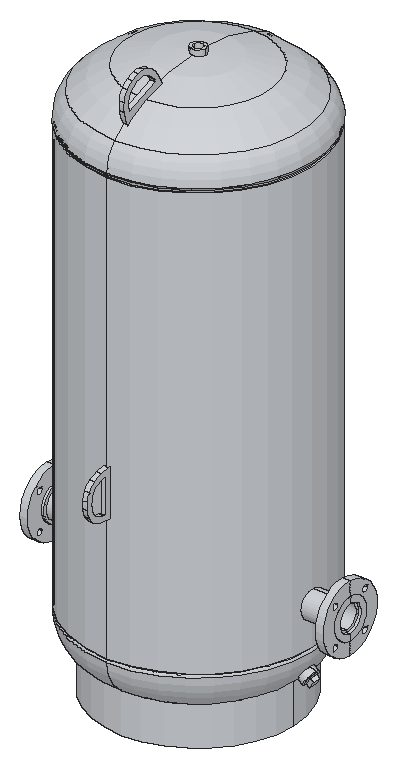
Revit family "CBT-120-2.5", category Generic Models, Revit 2014
Parameters (values of type "CBT-120-2.5")
  URL = "http://westank.com/"
  Tank volume = 120.00 gal
  Shipping Weight = 410.00 lbf
  Part number = 55240120
  Model = "CBT-120-2.5"
  Flange Diameter = 2.5"
  Description = "Wessels ASME Chilled Water Buffer Tanks (CBT) are designed for chilled water systems with insufficient water volume capacity in relation to the chiller capacity."
  D = 12.25"
  C = 19.99807"
  B = 60"
  A = 24"
Reference planes (in)
  plane 1 "Center (Front/Back)": y = 0
  plane 2: z = 0
  plane 3 "Center (Left/Right)": x = 0
  plane 4: through (12.55282, -180, 5.24135) normal (0.8192, 0, -0.5736)
  plane 5: z = 60
  plane 6: x = -9.99904
  plane 7: x = 9.99904
  plane 8: z = 12.25
  plane 9: x = -12
  plane 10: x = 12
  plane 11: y = 12
  plane 12: y = -12
Forms (in)
  Revolve 1, solid
    sketch origin (0, 0, 0) x (0, 1, 0) y (0, 0, 1)
      loop
        arc (-9.83101, 4.11424) -> (-7.79074, 2.94425) -> (-5.56568, 2.18221) r 12.35166
        arc (-5.56568, 2.18221) -> (-4.72655, 1.99447) -> (-3.88233, 1.83116) r 29.62981
        arc (-3.88233, 1.83116) -> (-1.94875, 1.5746) -> (0, 1.4915) r 21.84895
        line (0, 1.4915) -> (0, 1.65929)
        arc (0, 1.65929) -> (-1.35631, 1.72935) -> (-2.7096, 1.84384) r 41.42336
        arc (-2.7096, 1.84384) -> (-4.29668, 2.07784) -> (-5.85586, 2.45541) r 17.59706
        arc (-5.85586, 2.45541) -> (-7.96801, 3.24984) -> (-9.93425, 4.35719) r 14.74916
        arc (-9.93425, 4.35719) -> (-11.28742, 5.80966) -> (-11.85018, 7.71336) r 4.32984
        arc (-11.85018, 7.71336) -> (-11.81699, 7.79381) -> (-11.76254, 7.86171) r 0.30676
        arc (-11.76254, 7.86171) -> (-11.65716, 8.06319) -> (-11.7003, 8.28643) r 0.3444
        line (-11.7003, 8.28643) -> (-11.84851, 8.28643) -> (-11.84851, 53.23643) -> (-11.64597, 53.23643)
        arc (-11.64597, 53.23643) -> (-11.68669, 53.50997) -> (-11.81863, 53.75302) r 0.7952
        arc (-11.81863, 53.75302) -> (-11.84499, 53.79032) -> (-11.86692, 53.83038) r 0.40051
        arc (-11.86692, 53.83038) -> (-11.57837, 55.15816) -> (-10.81368, 56.28132) r 3.5625
        arc (-10.81368, 56.28132) -> (-9.13055, 57.64322) -> (-7.20864, 58.64022) r 10.74973
        arc (-7.20864, 58.64022) -> (-3.66872, 59.63274) -> (0, 59.87064) r 17.65577
        line (0, 59.87064) -> (0, 60.02076)
        arc (0, 60.02076) -> (-3.69689, 59.7801) -> (-7.26395, 58.77965) r 17.80577
        arc (-7.26395, 58.77965) -> (-9.21268, 57.76874) -> (-10.9193, 56.38783) r 10.89973
        arc (-10.9193, 56.38783) -> (-11.72267, 55.20221) -> (-12.01747, 53.80072) r 3.7125
        arc (-12.01747, 53.80072) -> (-11.98199, 53.72714) -> (-11.93601, 53.65963) r 0.55051
        arc (-11.93601, 53.65963) -> (-11.85613, 53.53057) -> (-11.80861, 53.38643) r 0.6452
        line (-11.80861, 53.38643) -> (-11.99851, 53.38643) -> (-11.99851, 8.13643) -> (-11.80492, 8.13643)
        arc (-11.80492, 8.13643) -> (-11.81524, 8.04663) -> (-11.86505, 7.97121) r 0.1944
        arc (-11.86505, 7.97121) -> (-11.95237, 7.85922) -> (-12.00107, 7.72583) r 0.45676
        arc (-12.00107, 7.72583) -> (-11.36713, 5.64899) -> (-9.83101, 4.11424) r 4.47984
      axis (0, 1.4915) -> (0, 60.02076)
    angle from 0 to 360
  Revolve 2, solid
    sketch origin (0, 0, 0) x (-1, 0, 0) y (0, 0, 1)
      loop
        line (14.86962, 10.81055) -> (14.86962, 10.46875) -> (15.13134, 10.46875) -> (15.13134, 8.75) -> (15.94384, 8.75) -> (15.94384, 10.1875) -> (16.00634, 10.1875) -> (16.00634, 10.81055) -> (14.86962, 10.81055)
      axis (16.00634, 12.25) -> (14.86962, 12.25)
    angle from 0 to 360
  Revolve 3, solid
    sketch origin (0, 0, 0) x (1, 0, 0) y (0, 0, 1)
      loop
        line (11.71753, 6.11956) -> (11.66586, 6.1556) -> (11.25436, 5.56561) -> (11.86992, 5.13627) -> (12.24588, 5.6753) -> (12.19462, 5.71106) -> (12.31904, 5.88945) -> (11.80641, 6.24699) -> (11.71753, 6.11956)
      axis (11.25436, 5.56561) -> (11.86992, 5.13627)
    angle from 0 to 360
  Extrusion 4, solid
    sketch origin (12.55282, -180, 5.24135) x (0.573576, 0, 0.819152) y (0, -1, 0)
      loop
        line (-0.16036, -179.52645) -> (-0.95521, -179.68698) -> (-0.79485, -180.48095) -> (0, -180.32042) -> (-0.16036, -179.52645)
    from -1.04121 to 0
  Extrusion 5, solid
    sketch origin (0, 0, 0) x (0, 1, 0) y (0, 0, 1)
      loop
        line (-11.93439, 21.33067) -> (-11.93439, 26.202)
        arc (-11.93439, 26.202) -> (-12.47846, 26.15164) -> (-13.01533, 26.05008) r 5.77422
        arc (-13.01533, 26.05008) -> (-13.49297, 25.89754) -> (-13.94252, 25.67548) r 3.35288
        arc (-13.94252, 25.67548) -> (-14.34081, 25.36666) -> (-14.64962, 24.96837) r 2.0073
        arc (-14.64962, 24.96837) -> (-14.80343, 24.58932) -> (-14.88788, 24.18906) r 2.30742
        arc (-14.88788, 24.18906) -> (-14.91277, 23.77188) -> (-14.88788, 23.3547) r 3.50846
        arc (-14.88788, 23.3547) -> (-14.79412, 22.92876) -> (-14.61961, 22.52904) r 2.24053
        arc (-14.61961, 22.52904) -> (-14.27401, 22.08806) -> (-13.80999, 21.77406) r 1.8078
        arc (-13.80999, 21.77406) -> (-13.34321, 21.55591) -> (-12.84107, 21.44044) r 2.44481
        arc (-12.84107, 21.44044) -> (-12.39043, 21.36326) -> (-11.93439, 21.33067) r 4.65484
      loop
        arc (-12.44611, 25.63929) -> (-12.67227, 25.60073) -> (-12.89654, 25.55235) r 5.2625
        arc (-12.89654, 25.55235) -> (-13.30128, 25.42308) -> (-13.68221, 25.23491) r 2.84116
        arc (-13.68221, 25.23491) -> (-13.97364, 25.01013) -> (-14.20134, 24.72098) r 1.49558
        arc (-14.20134, 24.72098) -> (-14.3163, 24.43235) -> (-14.37979, 24.12821) r 1.7957
        arc (-14.37979, 24.12821) -> (-14.40106, 23.77188) -> (-14.37979, 23.41555) r 2.99674
        arc (-14.37979, 23.41555) -> (-14.30745, 23.08689) -> (-14.17279, 22.77846) r 1.72881
        arc (-14.17279, 22.77846) -> (-13.91552, 22.45353) -> (-13.56884, 22.22643) r 1.29608
        arc (-13.56884, 22.22643) -> (-13.1779, 22.0402) -> (-12.75531, 21.94566) r 1.9331
        arc (-12.75531, 21.94566) -> (-12.60126, 21.91347) -> (-12.44611, 21.88716) r 4.14312
        line (-12.44611, 21.88716) -> (-12.44611, 25.63929)
    from -0.24366 to 0.25634
  Extrusion 6, solid
    sketch origin (0, -25.23675, 38.88211) x (0, 0.366501, -0.930418) y (0, 0.930418, 0.366501)
      loop
        line (-11.41103, 21.34851) -> (-11.41103, 26.20181)
        arc (-11.41103, 26.20181) -> (-12.2185, 26.18219) -> (-13.01533, 26.05008) r 5.77422
        arc (-13.01533, 26.05008) -> (-13.49297, 25.89754) -> (-13.94252, 25.67548) r 3.35288
        arc (-13.94252, 25.67548) -> (-14.34081, 25.36666) -> (-14.64962, 24.96837) r 2.0073
        arc (-14.64962, 24.96837) -> (-14.80343, 24.58932) -> (-14.88788, 24.18906) r 2.30742
        arc (-14.88788, 24.18906) -> (-14.91277, 23.77188) -> (-14.88788, 23.3547) r 3.50846
        arc (-14.88788, 23.3547) -> (-14.79412, 22.92876) -> (-14.61961, 22.52904) r 2.24053
        arc (-14.61961, 22.52904) -> (-14.27401, 22.08806) -> (-13.80999, 21.77406) r 1.8078
        arc (-13.80999, 21.77406) -> (-13.34321, 21.55591) -> (-12.84107, 21.44044) r 2.44481
        arc (-12.84107, 21.44044) -> (-12.12961, 21.33911) -> (-11.41103, 21.34851) r 4.65484
      loop
        arc (-12.44611, 25.63929) -> (-12.67227, 25.60073) -> (-12.89654, 25.55235) r 5.2625
        arc (-12.89654, 25.55235) -> (-13.30128, 25.42308) -> (-13.68221, 25.23491) r 2.84116
        arc (-13.68221, 25.23491) -> (-13.97364, 25.01013) -> (-14.20134, 24.72098) r 1.49558
        arc (-14.20134, 24.72098) -> (-14.3163, 24.43235) -> (-14.37979, 24.12821) r 1.7957
        arc (-14.37979, 24.12821) -> (-14.40106, 23.77188) -> (-14.37979, 23.41555) r 2.99674
        arc (-14.37979, 23.41555) -> (-14.30745, 23.08689) -> (-14.17279, 22.77846) r 1.72881
        arc (-14.17279, 22.77846) -> (-13.91552, 22.45353) -> (-13.56884, 22.22643) r 1.29608
        arc (-13.56884, 22.22643) -> (-13.1779, 22.0402) -> (-12.75531, 21.94566) r 1.9331
        arc (-12.75531, 21.94566) -> (-12.60126, 21.91347) -> (-12.44611, 21.88716) r 4.14312
        line (-12.44611, 21.88716) -> (-12.44611, 25.63929)
    from -0.24366 to 0.25634
  Extrusion 7, solid
    sketch origin (0, 0, 0) x (1, 0, 0) y (0, 1, 0)
      loop
        circle (0, 0) r 0.75
      loop
        circle (0, 0) r 0.5
    from 58.5833 to 60.52076
  Extrusion 8, void
    sketch origin (0, 0, 0) x (0, 1, 0) y (0, 0, -1)
      loop
        circle (1.94931, -14.19258) r 0.38097
      loop
        circle (-1.94931, -14.19258) r 0.38097
      loop
        circle (1.94931, -10.30535) r 0.38097
      loop
        circle (-1.94931, -10.30535) r 0.38097
    from 13.18334 to 17.21816
  Extrusion 9, void
    sketch origin (0, 0, 0) x (1, 0, 0) y (0, 1, 0)
      loop
        circle (0, 0) r 0.5
    from 58.5833 to 62.3834
  Revolve 10, solid
    sketch origin (0, 0, 0) x (1, 0, 0) y (0, 0, 1)
      loop
        line (9.87513, 4.44941) -> (9.87513, 0) -> (10.00001, 0) -> (10.00001, 4.44941) -> (9.87513, 4.44941)
      axis (0, 4.44941) -> (0, 0)
    angle from 0 to 360
  Revolve 11, solid
    sketch origin (0, 0, 0) x (1, 0, 0) y (0, 0, 1)
      loop
        line (-11.375, 11.01569) -> (-15.61866, 11.01569) -> (-15.61866, 10.81071) -> (-11.375, 10.81071) -> (-11.375, 11.01569)
      axis (-15.61866, 12.25) -> (-11.375, 12.25)
    angle from 0 to 360
  Extrusion 12, void
    sketch origin (0, 0, 0) x (0, 1, 0) y (0, 0, 1)
      loop
        circle (0, 12.25) r 1.25
    from -18.86806 to 18.76515
  Revolve 13, solid
    sketch origin (0, 0, 0) x (1, 0, 0) y (0, 0, 1)
      loop
        line (14.86962, 10.81055) -> (14.86962, 10.46875) -> (15.13134, 10.46875) -> (15.13134, 8.75) -> (15.94384, 8.75) -> (15.94384, 10.1875) -> (16.00634, 10.1875) -> (16.00634, 10.81055) -> (14.86962, 10.81055)
      axis (16.00634, 12.25) -> (14.86962, 12.25)
    angle from 0 to 360
  Extrusion 14, void
    sketch origin (0, 0, 0) x (0, 1, 0) y (0, 0, 1)
      loop
        circle (1.94931, 14.19258) r 0.38097
      loop
        circle (-1.94931, 14.19258) r 0.38097
      loop
        circle (1.94931, 10.30535) r 0.38097
      loop
        circle (-1.94931, 10.30535) r 0.38097
    from 13.18334 to 17.21816
  Revolve 15, solid
    sketch origin (0, 0, 0) x (-1, 0, 0) y (0, 0, 1)
      loop
        line (-11.375, 11.01569) -> (-15.61866, 11.01569) -> (-15.61866, 10.81071) -> (-11.375, 10.81071) -> (-11.375, 11.01569)
      axis (-15.61866, 12.25) -> (-11.375, 12.25)
    angle from 0 to 360
Cuts and joins
  Extrusion 8, Extrusion 14 cuts Revolve 2
  Extrusion 9, Extrusion 12 cuts Revolve 1
  joined: Revolve 1, Revolve 10
  Extrusion 14 cuts Revolve 13
Dimensions and locks (in)
  "B": plane 5 to level
  "C": plane 7 to plane 6
  "D": plane 8 to level
  equal spacing: plane 10, plane 3 "Center (Left/Right)", plane 9
  "A": plane 10 to plane 9
  aligned and locked: plane 2 to level
  aligned and locked: Revolve 1 sketch curve to Revolve 1 sketch curve
  aligned and locked: Revolve 10 sketch curve to plane 3 "Center (Left/Right)"
Automatic sketch dimensions
  Revolve 1 sketch curve to Revolve 1 sketch curve = 0"  (x30)
  Revolve 1 sketch curve to plane 1 "Center (Front/Back)" = 0"  (x2)
  plane 1 "Center (Front/Back)" to Revolve 1 sketch curve = 0.04449"
  plane 1 "Center (Front/Back)" to Revolve 1 sketch curve = 0.69809"
  plane 1 "Center (Front/Back)" to Revolve 1 sketch curve = 0.93901"
  plane 1 "Center (Front/Back)" to Revolve 1 sketch curve = 1.73475"
  Revolve 1 sketch curve to plane 8 = 1.94548"
  Revolve 1 sketch curve to Revolve 1 sketch curve = 0.95959"
  plane 1 "Center (Front/Back)" to Revolve 1 sketch curve = 3.24468"
  Revolve 1 sketch curve to plane 12 = 4.47284"
  Revolve 1 sketch curve to plane 12 = 3.69471"
  Revolve 1 sketch curve to plane 12 = 0.49477"
  Revolve 1 sketch curve to plane 12 = 0.44712"
  Revolve 1 sketch curve to plane 12 = 0.35403"
  Revolve 1 sketch curve to plane 12 = 0.2997"
  Revolve 1 sketch curve to Revolve 1 sketch curve = 0.10462"
  Revolve 1 sketch curve to plane 12 = 0.19139"
  Revolve 1 sketch curve to plane 12 = 0.15149"
  Revolve 1 sketch curve to plane 12 = 0.00208"
  Revolve 1 sketch curve to plane 12 = 0.00149"
  plane 12 to Revolve 1 sketch curve = 0.44088"
  Revolve 1 sketch curve to plane 1 "Center (Front/Back)" = 1.32224"
  Revolve 1 sketch curve to plane 1 "Center (Front/Back)" = 1.45836"
  plane 8 to Revolve 1 sketch curve = 3.96357"
  Revolve 1 sketch curve to Revolve 1 sketch curve = 0.15"  (x2)
  Revolve 1 sketch curve to Revolve 1 sketch curve = 0.02331"
  Revolve 1 sketch curve to Revolve 1 sketch curve = 0.33015"
  Revolve 1 sketch curve to Revolve 1 sketch curve = 0.49864"
  level to Revolve 1 sketch curve = 1.65929"
  Revolve 1 sketch curve to Revolve 1 sketch curve = 0.16779"
  Revolve 1 sketch curve to Revolve 1 sketch curve = 2.42164"
  Revolve 1 sketch curve to Revolve 1 sketch curve = 2.73447"
  Revolve 1 sketch curve to Revolve 1 sketch curve = 3.98882"
  Revolve 1 sketch curve to Revolve 1 sketch curve = 7.65989"
  Revolve 1 sketch curve to Revolve 1 sketch curve = 11.22838"
  Revolve 1 sketch curve to Revolve 1 sketch curve = 0.8283"
  Revolve 1 sketch curve to Revolve 1 sketch curve = 6.41936"
  Revolve 1 sketch curve to plane 5 = 6.76357"
  Revolve 1 sketch curve to Revolve 1 sketch curve = 0.02147"
  Revolve 1 sketch curve to Revolve 1 sketch curve = 0.5152"
  Revolve 1 sketch curve to Revolve 1 sketch curve = 0.61597"
  Revolve 1 sketch curve to plane 5 = 0.12936"
  plane 5 to Revolve 1 sketch curve = 0.02076"
  Revolve 1 sketch curve to Revolve 1 sketch curve = 0.10324"
  Revolve 1 sketch curve to Revolve 1 sketch curve = 0.06037"
  Revolve 2 sketch curve to plane 8 = 0"
  plane 9 to Revolve 2 sketch curve = 2.86962"
  Revolve 2 sketch curve to Revolve 2 sketch curve = 0.26172"
  Revolve 2 sketch curve to Revolve 2 sketch curve = 0.8125"
  Revolve 2 sketch curve to Revolve 2 sketch curve = 0.0625"
  Revolve 2 sketch curve to plane 8 = 1.43945"
  Revolve 2 sketch curve to Revolve 2 sketch curve = 0.3418"
  Revolve 2 sketch curve to Revolve 2 sketch curve = 0.62305"
  Revolve 2 sketch curve to Revolve 2 sketch curve = 1.4375"
  Revolve 2 sketch curve to Revolve 2 sketch curve = 0.68778"
  Revolve 2 sketch curve to Revolve 2 sketch curve = 0.68278"
  Revolve 3 sketch curve to plane 10 = 0.74564"
  Revolve 3 sketch curve to plane 10 = 0.33414"
  Revolve 3 sketch curve to Revolve 3 sketch curve = 0.05167"
  Revolve 3 sketch curve to Revolve 3 sketch curve = 0.08888"
  Revolve 3 sketch curve to plane 10 = 0.13008"
  plane 10 to Revolve 3 sketch curve = 0.19462"
  Revolve 3 sketch curve to Revolve 3 sketch curve = 0.05126"
  level to Revolve 3 sketch curve = 5.13627"
  Revolve 3 sketch curve to Revolve 3 sketch curve = 0.42934"
  Revolve 3 sketch curve to Revolve 3 sketch curve = 0.12768"
  Revolve 3 sketch curve to Revolve 3 sketch curve = 0"  (x2)
  Revolve 3 sketch curve to Revolve 3 sketch curve = 0.08905"
  plane 1 "Center (Front/Back)" to Extrusion 4 sketch curve = 0.31302"
  Extrusion 4 sketch curve to plane 1 "Center (Front/Back)" = 0.48095"
  Extrusion 4 sketch curve to Extrusion 4 sketch curve = 0.16036"  (x2)
  plane 1 "Center (Front/Back)" to Extrusion 4 sketch curve = 0.47355"
  Extrusion 4 sketch curve to Extrusion 4 sketch curve = 0.79485"
  Extrusion 4 sketch curve to plane 1 "Center (Front/Back)" = 0.32042"
  Extrusion 5 sketch curve to Extrusion 5 sketch curve = 0"  (x24)
  plane 12 to Extrusion 5 sketch curve = 1.04109"
  Extrusion 5 sketch curve to Extrusion 5 sketch curve = 0.11966"
  Extrusion 5 sketch curve to Extrusion 5 sketch curve = 0.25819"
  Extrusion 5 sketch curve to Extrusion 5 sketch curve = 0.06641"
  Extrusion 5 sketch curve to Extrusion 5 sketch curve = 0.04958"
  plane 12 to Extrusion 5 sketch curve = 0.44611"
  plane 12 to Extrusion 5 sketch curve = 0.23696"
  Extrusion 5 sketch curve to plane 12 = 0.06561"
  Extrusion 5 sketch curve to plane 12 = 0.16899"
  Extrusion 5 sketch curve to plane 12 = 0.32516"
  Extrusion 5 sketch curve to plane 12 = 0.59568"
  Extrusion 5 sketch curve to plane 8 = 8.18362"
  Extrusion 5 sketch curve to Extrusion 5 sketch curve = 0.89706"
  Extrusion 5 sketch curve to Extrusion 5 sketch curve = 0.55648"
  Extrusion 5 sketch curve to Extrusion 5 sketch curve = 0.90165"
  Extrusion 5 sketch curve to Extrusion 5 sketch curve = 0.62139"
  Extrusion 5 sketch curve to Extrusion 5 sketch curve = 0.21092"
  Extrusion 5 sketch curve to Extrusion 5 sketch curve = 0.15076"
  Extrusion 5 sketch curve to Extrusion 5 sketch curve = 0.24641"
  Extrusion 5 sketch curve to Extrusion 5 sketch curve = 0.04716"
  Extrusion 5 sketch curve to Extrusion 5 sketch curve = 0.0326"
  Extrusion 5 sketch curve to Extrusion 5 sketch curve = 1.7246"
  Extrusion 5 sketch curve to Extrusion 5 sketch curve = 0.34507"
  Extrusion 5 sketch curve to Extrusion 5 sketch curve = 0.21764"
  Extrusion 5 sketch curve to Extrusion 5 sketch curve = 1.12273"
  Extrusion 5 sketch curve to Extrusion 5 sketch curve = 0.78568"
  Extrusion 5 sketch curve to Extrusion 5 sketch curve = 0.24115"
  Extrusion 5 sketch curve to Extrusion 5 sketch curve = 0.2603"
  Extrusion 5 sketch curve to Extrusion 5 sketch curve = 0.60395"
  Extrusion 5 sketch curve to Extrusion 5 sketch curve = 0.51913"
  Extrusion 5 sketch curve to Extrusion 5 sketch curve = 0.44682"
  Extrusion 5 sketch curve to Extrusion 5 sketch curve = 0.44829"
  Extrusion 6 sketch curve to Extrusion 6 sketch curve = 0"  (x24)
  Extrusion 6 sketch curve to plane 5 = 0.40436"
  Extrusion 6 sketch curve to plane 12 = 3.76493"
  Extrusion 6 sketch curve to Extrusion 6 sketch curve = 0.11966"
  Extrusion 6 sketch curve to Extrusion 6 sketch curve = 0.25819"
  Extrusion 6 sketch curve to Extrusion 6 sketch curve = 0.06641"
  Extrusion 6 sketch curve to Extrusion 6 sketch curve = 0.04958"
  Extrusion 6 sketch curve to Extrusion 6 sketch curve = 0.59499"
  Extrusion 6 sketch curve to Extrusion 6 sketch curve = 0.20915"
  Extrusion 6 sketch curve to Extrusion 6 sketch curve = 0.6151"
  Extrusion 6 sketch curve to Extrusion 6 sketch curve = 0.77126"
  Extrusion 6 sketch curve to Extrusion 6 sketch curve = 0.41998"
  Extrusion 6 sketch curve to Extrusion 6 sketch curve = 1.14294"
  Extrusion 6 sketch curve to Extrusion 6 sketch curve = 0.62139"
  Extrusion 6 sketch curve to Extrusion 6 sketch curve = 0.90165"
  Extrusion 6 sketch curve to Extrusion 6 sketch curve = 0.53865"
  Extrusion 6 sketch curve to Extrusion 6 sketch curve = 0.91489"
  Extrusion 6 sketch curve to Extrusion 6 sketch curve = 0.21092"
  Extrusion 6 sketch curve to Extrusion 6 sketch curve = 0.15076"
  Extrusion 6 sketch curve to Extrusion 6 sketch curve = 0.24641"
  Extrusion 6 sketch curve to Extrusion 6 sketch curve = 0.04716"
  Extrusion 6 sketch curve to Extrusion 6 sketch curve = 0.0326"
  Extrusion 6 sketch curve to Extrusion 6 sketch curve = 1.7246"
  Extrusion 6 sketch curve to Extrusion 6 sketch curve = 0.34507"
  Extrusion 6 sketch curve to Extrusion 6 sketch curve = 0.21744"
  Extrusion 6 sketch curve to Extrusion 6 sketch curve = 1.12273"
  Extrusion 6 sketch curve to Extrusion 6 sketch curve = 0.78568"
  Extrusion 6 sketch curve to Extrusion 6 sketch curve = 0.24115"
  Extrusion 6 sketch curve to Extrusion 6 sketch curve = 0.2603"
  Extrusion 6 sketch curve to Extrusion 6 sketch curve = 0.60395"
  Extrusion 6 sketch curve to Extrusion 6 sketch curve = 0.51913"
  Extrusion 6 sketch curve to Extrusion 6 sketch curve = 0.44682"
  Extrusion 6 sketch curve to Extrusion 6 sketch curve = 0.44829"
  Extrusion 7 sketch curve to Extrusion 7 sketch curve = 0"  (x2)
  plane 1 "Center (Front/Back)" to Extrusion 7 sketch curve = 0"
  Extrusion 7 sketch curve to plane 3 "Center (Left/Right)" = 0"
  plane 1 "Center (Front/Back)" to Extrusion 8 sketch curve = 1.94931"  (x2)
  Extrusion 8 sketch curve to plane 1 "Center (Front/Back)" = 1.94931"  (x2)
  Extrusion 8 sketch curve to plane 8 = 1.94258"  (x2)
  plane 8 to Extrusion 8 sketch curve = 1.94465"  (x2)
  Extrusion 9 sketch curve to Extrusion 9 sketch curve = 0"  (x2)
  plane 1 "Center (Front/Back)" to Extrusion 9 sketch curve = 0"
  Extrusion 9 sketch curve to plane 3 "Center (Left/Right)" = 0"
  Extrusion 9 sketch curve to plane 3 "Center (Left/Right)" = 0.5"
  Revolve 10 sketch curve to level = 0"
  Revolve 10 sketch curve to plane 7 = 0.12391"
  plane 7 to Revolve 10 sketch curve = 0.00098"
  Revolve 10 sketch curve to Revolve 10 sketch curve = 4.44941"
  level to Revolve 10 sketch curve = 4.69941"
  Revolve 10 sketch curve to Revolve 10 sketch curve = 1"
  Revolve 11 sketch curve to plane 8 = 0"
  plane 8 to Revolve 11 sketch curve = 1.43929"
  Revolve 11 sketch curve to plane 9 = 3.61866"
  plane 9 to Revolve 11 sketch curve = 0.625"
  Revolve 11 sketch curve to Revolve 11 sketch curve = 0.20498"
  Revolve 11 sketch curve to plane 9 = 1.07817"
  Revolve 11 sketch curve to Revolve 11 sketch curve = 0.36015"
  Extrusion 12 sketch curve to plane 1 "Center (Front/Back)" = 0"
  plane 8 to Extrusion 12 sketch curve = 0"
  Revolve 13 sketch curve to plane 8 = 0"
  plane 10 to Revolve 13 sketch curve = 2.86962"
  Revolve 13 sketch curve to Revolve 13 sketch curve = 0.26172"
  Revolve 13 sketch curve to Revolve 13 sketch curve = 0.8125"
  Revolve 13 sketch curve to Revolve 13 sketch curve = 0.0625"
  plane 8 to Revolve 13 sketch curve = 1.43945"
  Revolve 13 sketch curve to Revolve 13 sketch curve = 0.3418"
  Revolve 13 sketch curve to Revolve 13 sketch curve = 0.62305"
  Revolve 13 sketch curve to Revolve 13 sketch curve = 1.4375"
  Revolve 13 sketch curve to Revolve 13 sketch curve = 0.68778"
  Revolve 13 sketch curve to Revolve 13 sketch curve = 0.68278"
  plane 1 "Center (Front/Back)" to Extrusion 14 sketch curve = 1.94931"  (x2)
  Extrusion 14 sketch curve to plane 1 "Center (Front/Back)" = 1.94931"  (x2)
  plane 8 to Extrusion 14 sketch curve = 1.94465"  (x2)
  Extrusion 14 sketch curve to plane 8 = 1.94258"  (x2)
  Revolve 15 sketch curve to plane 8 = 0"
  Revolve 15 sketch curve to plane 8 = 1.43929"
  Revolve 15 sketch curve to plane 10 = 3.61866"
  plane 10 to Revolve 15 sketch curve = 0.625"
  Revolve 15 sketch curve to Revolve 15 sketch curve = 0.20498"
  Revolve 15 sketch curve to plane 10 = 1.07817"
  Revolve 15 sketch curve to Revolve 15 sketch curve = 0.36015"
  radius of Extrusion 7 sketch curve = 0.75"
  radius of Extrusion 7 sketch curve = 0.5"
  radius of Extrusion 8 sketch curve = 0.38097"  (x4)
  radius of Extrusion 12 sketch curve = 1.25"
  radius of Extrusion 14 sketch curve = 0.38097"  (x4)
Connectors (in)
  piping at (-15.94384, 0, 12.25), diameter 2.5, driven by "Flange Diameter"
    settings: on cut or joined group of Revolve 2, Extrusion 8, Extrusion 14, index 2, connector inside diameter 24", connector length 0", flow factor 0, pipe flow 0 GPM, pressure drop 0.00 psi, fitting loss kfactor 0, connector angle 0.00°, fixture units 0, engagement length 0", angle of deflection 0.00°, flow configuration 0, flow direction 0, fitting loss method 0, system type 7, joint type 0, gender type 0, connector reference index 3, connector utility 0, adjustable connector no, is connector primary yes, connector description ""
  piping at (16.00634, 0, 12.25), diameter 2.5, driven by "Flange Diameter"
    settings: on cut or joined group of Revolve 13, Extrusion 14, index 3, connector inside diameter 24", connector length 0", flow factor 0, pipe flow 0 GPM, pressure drop 0.00 psi, fitting loss kfactor 0, connector angle 0.00°, fixture units 0, engagement length 0", angle of deflection 0.00°, flow configuration 0, flow direction 0, fitting loss method 0, system type 7, joint type 0, gender type 0, connector reference index 2, connector utility 0, adjustable connector no, is connector primary no, connector description ""
